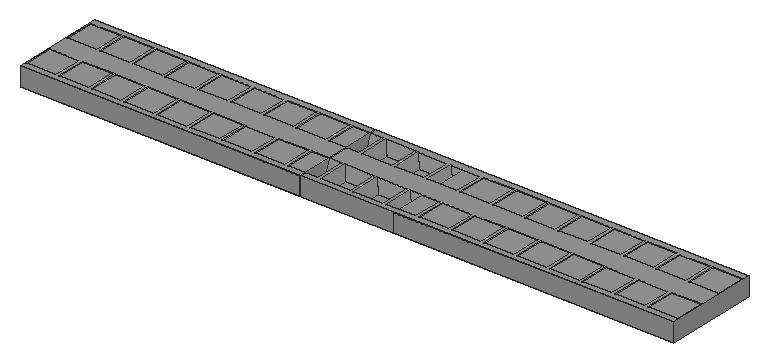
Revit family "2023779", category Lighting Fixtures, host Face, Revit 2018 (continued)
Automatic sketch dimensions
  plane 12 to Extrusion 66 sketch curve = 10.5 mm
  Extrusion 66 sketch curve to plane 6 = 23.5 mm
  plane 50 to Extrusion 67 sketch curve = 10.5 mm
  Extrusion 67 sketch curve to plane 14 = 10.5 mm
  plane 12 to Extrusion 67 sketch curve = 10.5 mm
  Extrusion 67 sketch curve to plane 6 = 23.5 mm
  plane 15 to Extrusion 68 sketch curve = 10.5 mm
  Extrusion 68 sketch curve to plane 16 = 10.5 mm
  plane 12 to Extrusion 68 sketch curve = 10.5 mm
  Extrusion 68 sketch curve to plane 6 = 23.5 mm
  plane 17 to Extrusion 69 sketch curve = 10.5 mm
  Extrusion 69 sketch curve to plane 18 = 10.5 mm
  plane 12 to Extrusion 69 sketch curve = 10.5 mm
  Extrusion 69 sketch curve to plane 6 = 23.5 mm
  plane 19 to Extrusion 70 sketch curve = 10.5 mm
  Extrusion 70 sketch curve to plane 20 = 10.5 mm
  plane 12 to Extrusion 70 sketch curve = 10.5 mm
  Extrusion 70 sketch curve to plane 6 = 23.5 mm
  plane 21 to Extrusion 71 sketch curve = 10.5 mm
  Extrusion 71 sketch curve to plane 22 = 10.5 mm
  plane 12 to Extrusion 71 sketch curve = 10.5 mm
  Extrusion 71 sketch curve to plane 6 = 23.5 mm
  plane 23 to Extrusion 72 sketch curve = 10.5 mm
  Extrusion 72 sketch curve to plane 24 = 10.5 mm
  plane 12 to Extrusion 72 sketch curve = 10.5 mm
  Extrusion 72 sketch curve to plane 6 = 23.5 mm
  plane 31 to Extrusion 73 sketch curve = 10.5 mm
  Extrusion 73 sketch curve to plane 32 = 10.5 mm
  plane 12 to Extrusion 73 sketch curve = 10.5 mm
  Extrusion 73 sketch curve to plane 6 = 23.5 mm
  plane 33 to Extrusion 74 sketch curve = 10.5 mm
  Extrusion 74 sketch curve to plane 34 = 10.5 mm
  plane 12 to Extrusion 74 sketch curve = 10.5 mm
  Extrusion 74 sketch curve to plane 6 = 23.5 mm
  plane 35 to Extrusion 75 sketch curve = 10.5 mm
  Extrusion 75 sketch curve to plane 36 = 10.5 mm
  plane 12 to Extrusion 75 sketch curve = 10.5 mm
  Extrusion 75 sketch curve to plane 6 = 23.5 mm
  plane 37 to Extrusion 76 sketch curve = 10.5 mm
  Extrusion 76 sketch curve to plane 38 = 10.5 mm
  plane 12 to Extrusion 76 sketch curve = 10.5 mm
  Extrusion 76 sketch curve to plane 6 = 23.5 mm
  plane 39 to Extrusion 77 sketch curve = 10.5 mm
  Extrusion 77 sketch curve to plane 40 = 10.5 mm
  plane 12 to Extrusion 77 sketch curve = 10.5 mm
  Extrusion 77 sketch curve to plane 6 = 23.5 mm
  plane 41 to Extrusion 78 sketch curve = 10.5 mm
  Extrusion 78 sketch curve to plane 42 = 10.5 mm
  plane 12 to Extrusion 78 sketch curve = 10.5 mm
  Extrusion 78 sketch curve to plane 6 = 23.5 mm
  plane 43 to Extrusion 79 sketch curve = 10.5 mm
  Extrusion 79 sketch curve to plane 44 = 10.5 mm
  plane 12 to Extrusion 79 sketch curve = 10.5 mm
  Extrusion 79 sketch curve to plane 6 = 23.5 mm
  plane 45 to Extrusion 80 sketch curve = 10.5 mm
  Extrusion 80 sketch curve to plane 46 = 10.5 mm
  plane 12 to Extrusion 80 sketch curve = 10.5 mm
  Extrusion 80 sketch curve to plane 6 = 23.5 mm
  plane 47 to Extrusion 81 sketch curve = 10.5 mm
  Extrusion 81 sketch curve to plane 48 = 10.5 mm
  plane 12 to Extrusion 81 sketch curve = 10.5 mm
  Extrusion 81 sketch curve to plane 6 = 23.5 mm
  plane 49 to Extrusion 82 sketch curve = 10.5 mm
  Extrusion 82 sketch curve to plane 51 = 10.509 mm
  plane 12 to Extrusion 82 sketch curve = 10.5 mm
  Extrusion 82 sketch curve to plane 6 = 23.5 mm
  plane 25 to Extrusion 83 sketch curve = 10.5 mm
  Extrusion 83 sketch curve to plane 26 = 10.5 mm
  plane 12 to Extrusion 83 sketch curve = 10.5 mm
  Extrusion 83 sketch curve to plane 6 = 23.5 mm
  plane 27 to Extrusion 84 sketch curve = 10.5 mm
  Extrusion 84 sketch curve to plane 28 = 10.5 mm
  plane 12 to Extrusion 84 sketch curve = 10.5 mm
  Extrusion 84 sketch curve to plane 6 = 23.5 mm
  plane 29 to Extrusion 85 sketch curve = 10.5 mm
  Extrusion 85 sketch curve to plane 30 = 10.5 mm
  plane 12 to Extrusion 85 sketch curve = 10.5 mm
  Extrusion 85 sketch curve to plane 6 = 23.5 mm
  Extrusion 86 sketch curve to plane 4 = 0 mm
  Extrusion 86 sketch curve to plane 5 = 0 mm
  Extrusion 86 sketch curve to plane 7 = 0 mm
  Extrusion 86 sketch curve to plane 6 = 0 mm
Connectors
  electrical at (0, 0, 0), driven by "Apparent Load", driven by "PowerFactor", driven by "Voltage"
    settings: index 1, voltage 0 V, apparent load 44 VA, apparent load phase1 0 VA, apparent load phase2 0 VA, apparent load phase3 0 VA, power factor 0, load classification "Lighting", number of poles 1, system type 30, power factor state 1, is connector primary yes, connector utility no, sub classification motor no, connector description ""
